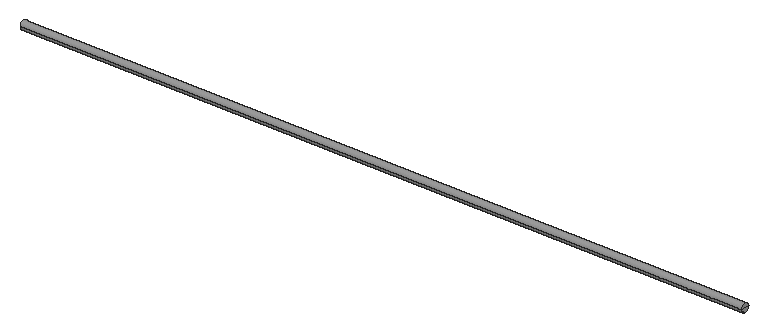
Revit family "Garment Bar", category Generic Models, Revit 2012
Parameters (values of type "Shelf Garment Bar")
  Width = 45.78906"
  URL = "http://www.wengercorp.com/Home/Contact.html"
  Part Number = "241A007.1"
  Model = "GB SHELF GARMENT BAR"
  Manufacturer = "Wenger Corporation"
  Garment Bar Visibility [instance] = yes
  Garment Bar = Garment Bar Metal
  Description = "GEARBOSS ATHLETIC SHELVING"
  Depth [instance] = 20"
Reference planes (in)
  plane 1 "Center (Front/Back)": y = 0
  plane 2: z = 0
  plane 3 "Center (Left/Right)": x = 0
  plane 4: y = -20
  plane 5: x = -22.89453
  plane 6: x = 22.89453
Forms (in)
  Revolve 1, solid, material "Garment Bar Metal" <- "Garment Bar", visible <- "Garment Bar Visibility"
    sketch origin (0, 0, 0) x (1, 0, 0) y (0, 1, 0)
      loop
        line (-22.89453, -20.25) -> (-22.89453, -20.5) -> (22.89453, -20.5) -> (22.89453, -20.25) -> (-22.89453, -20.25)
      axis (22.89453, -20.25) -> (-22.89453, -20.25)
    angle from 0 to 360
Dimensions and locks (in)
  "Depth": plane 4 to plane 1 "Center (Front/Back)"
  equal spacing: plane 5, plane 3 "Center (Left/Right)", plane 6
  "Width": plane 5 to plane 6
  aligned and locked: plane 2 to level
Automatic sketch dimensions
  Revolve 1 sketch curve to plane 5 = 0"
  Revolve 1 sketch curve to plane 6 = 0"  (x2)
  Revolve 1 sketch curve to plane 4 = 0.25"  (x2)
  Revolve 1 sketch curve to Revolve 1 sketch curve = 1.46094"
  Revolve 1 sketch curve to Revolve 1 sketch curve = 0.25"
